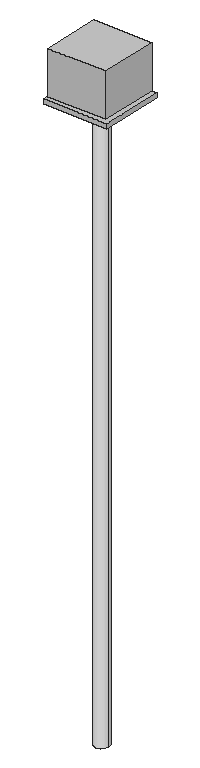
Revit family "BS_FM_Đài Móng - 1 cọc LT", category Structural Foundations, Revit 2019
Family settings
  Material for Model Behavior = Concrete
  Cap = No
  OmniClass Number = 23.25.05.11
  OmniClass Title = Foundation Piles
  Work Plane-Based = No
  Always vertical = Yes
  Cut with Voids When Loaded = No
  Shared = No
Parameters (values of type "1000 x 1000 x 900mm")
  h_BaoVe [instance] = 100 mm
  a4_BaoVe [instance] = 100 mm
  a3_BaoVe [instance] = 100 mm
  a2_BaoVe [instance] = 0 mm
  a1_BaoVe [instance] = 0 mm
  Width = X + A  # 1200 mm
  Structural Material = @BS-BeTongCotThep
  Y = 800 mm
  X = 800 mm
  Length = Y + A  # 1200 mm
  A = Diameter / 2 + 250 mm  # 400 mm
  Foundation Thickness = 900 mm
  Diameter = 300 mm
  Depth = 12000 mm
  D_LINE [instance] = Diameter + 100 mm  # 400 mm
  Cut-off = 150 mm
  BS_Cọc Tròn = yes
  BS_Cọc Vuông = no
  BS_BeTongMong = @BS-BeTongCotThep
  BS_BeTongLot = @BS-BeTong
  BS_BeTongCoc = Steel, 45-345
  Assembly Code = "A1010130"
Reference planes
  plane 1 "Center (Front/Back)": y = -300
  plane 2: z = 0
  plane 3 "Center (Left/Right)": x = 300
  plane 4: x = -500
  plane 5: x = 700
  plane 6: y = 500
  plane 7: y = -700
  plane 8 "Coc": z = -900
  plane 9: z = -750
  plane 10: z = -1000
Forms (mm)
  Extrusion 1, solid, material "@BS-BeTongCotThep" <- "BS_BeTongMong"
    sketch origin (0, 0, 0) x (1, 0, 0) y (0, 1, 0)
      loop
        line (-500, 500) -> (-500, -700) -> (700, -700) -> (700, 500) -> (-500, 500)
    from -900 to 0
  Extrusion 2, solid, material "@BS-BeTong" <- "BS_BeTongLot"
    sketch origin (0, 0, 0) x (1, 0, 0) y (0, 1, 0)
      loop
        line (-500, 500) -> (-500, -800) -> (800, -800) -> (800, 500) -> (-500, 500)
    from -1000 to -900
Dimensions and locks
  "Width": plane 4 to plane 5
  "Length": plane 6 to plane 7
  "Foundation Thickness": plane 2 to plane 8 "Coc"
  "Cut-off": plane 9 to plane 8 "Coc"
  "a3_BaoVe": plane 7 to Extrusion 2 sketch curve
  "a2_BaoVe": Extrusion 2 sketch curve to plane 6
  "a1_BaoVe": Extrusion 2 sketch curve to plane 4
  "a4_BaoVe": Extrusion 1 to Extrusion 2 sketch curve
  "h_BaoVe": plane 10 to plane 8 "Coc"
  "X": plane 4 to plane 3 "Center (Left/Right)"
  "Y": plane 1 "Center (Front/Back)" to plane 6
  aligned and locked: plane 4 to Extrusion 1 sketch curve
  aligned and locked: Extrusion 1 sketch curve to plane 5
  aligned and locked: Extrusion 1 sketch curve to plane 6
  aligned and locked: plane 7 to Extrusion 1 sketch curve
  aligned and locked: level to Extrusion 1
  aligned and locked: Extrusion 1 to plane 8 "Coc"
  aligned and locked: Extrusion 2 to Extrusion 1
  aligned and locked: Extrusion 2 to plane 10
  aligned and locked: plane 3 "Center (Left/Right)" to nested 1
  aligned and locked: plane 1 "Center (Front/Back)" to nested 1  (x2)
  aligned and locked: plane 3 "Center (Left/Right)" to nested 2
  aligned and locked: plane 1 "Center (Front/Back)" to nested 2
  aligned and locked: nested 1 to plane 3 "Center (Left/Right)"
  aligned and locked: plane 8 "Coc" to nested 2
  aligned and locked: plane 8 "Coc" to nested 1
Nested families
  nested 1: "BS_FM_Pile-Cọc Tròn" at (300, -300, -900), Minimum Embedment <- "Cut-off", Diameter <- "Diameter", Depth <- "Depth", Structural Material <- "BS_BeTongCoc", visible <- "BS_Cọc Tròn", type "600mm Diameter"
    with Structural Material Steel, 45-345, Radius 150 mm, Minimum Embedment 150 mm, Diameter 300 mm, Depth 12000 mm
  nested 2: "BS_FM_Pile-Cọc Vuông" at (300, -300, -900), Diameter <- "Diameter", Depth <- "Depth", Minimum Embedment <- "Cut-off", visible <- "BS_Cọc Vuông", Structural Material <- "BS_BeTongCoc", type "300mm Diameter"
    with Structural Material Steel, 45-345, Radius 150 mm, Minimum Embedment 150 mm, Diameter 300 mm, Depth 12000 mm
Definition of nested family "BS_FM_Pile-Cọc Tròn"
  Parameters (values of type "600mm Diameter")
    Structural Material [instance] = none
    Radius [instance] = Diameter / 2  # 300 mm
    Minimum Embedment [instance] = 152 mm
    Diameter [instance] = 600 mm
    Depth [instance] = 6000 mm
    Assembly Code = "A1020130"
  Types (4): name
    600mm Diameter
    300mm Diameter
    400mm Diameter
    500mm Diameter
  Reference planes
    plane 1 "Center (Front/Back)": y = 0
    plane 2: z = 0
    plane 3 "Center (Left/Right)": x = 0
    plane 4: z = -6000
    plane 5: z = 152
  Forms (mm)
    Extrusion 1, solid, material <- "Structural Material"
      sketch origin (0, 0, 0) x (1, 0, 0) y (0, 1, 0)
        loop
          circle (0, 0) r 300
      from -6000 to 152
  Dimensions and locks
    "Depth": plane 2 to plane 4
    "Minimum Embedment": plane 5 to plane 2
    "Radius": radius of Extrusion 1 sketch curve
    aligned and locked: Extrusion 1 to plane 4
    aligned and locked: Extrusion 1 to plane 5
    aligned and locked: plane 1 "Center (Front/Back)" to nested 1
    aligned and locked: plane 3 "Center (Left/Right)" to nested 1
  Automatic sketch dimensions
    plane 1 "Center (Front/Back)" to Extrusion 1 sketch curve = 0 mm
    Extrusion 1 sketch curve to plane 3 "Center (Left/Right)" = 0 mm
  Nested families
    nested 1: "BS_Line_TimCoc" at (0, 0, 0), type "BS_Line_TimCoc"
      with LINE 700 mm, DK 600 mm
  Definition of nested family "BS_Line_TimCoc"
    Parameters (values of type "BS_Line_TimCoc")
      LINE = DK + 100 mm  # 780 mm
      DK = 680 mm
    Reference planes
      plane 1 "Center (Front/Back)": y = 0
      plane 2: z = 0
      plane 3 "Center (Left/Right)": x = 0
    Lines and regions (mm)
      detail lines, in view "Ref. Level", not visible
        curve 1: circle (0, 0, 0) r 340 normal (0, 0, 1)
      detail lines, in view "Ref. Level"
        curve 2: line (-390, 0, 0) -> (390, 0, 0)
        curve 3: line (0, 390, 0) -> (0, -390, 0)
    Dimensions and locks
      equal spacing: curve 2, plane 3 "Center (Left/Right)", curve 2
      equal spacing: curve 3, plane 1 "Center (Front/Back)", curve 3
      "LINE": curve 3 to curve 3
      "LINE": curve 2 to curve 2
      "DK": diameter of curve 1
    Automatic sketch dimensions
      curve 3 to plane 3 "Center (Left/Right)" = 0 mm
      plane 1 "Center (Front/Back)" to curve 1 = 0 mm
      curve 1 to plane 3 "Center (Left/Right)" = 0 mm
      plane 1 "Center (Front/Back)" to curve 2 = 0 mm
Definition of nested family "BS_FM_Pile-Cọc Vuông"
  Parameters (values of type "600mm Diameter")
    Structural Material [instance] = none
    Radius [instance] = Diameter / 2  # 125 mm
    Minimum Embedment [instance] = 150 mm
    Diameter [instance] = 250 mm
    Depth [instance] = 6000 mm
    Assembly Code = "A1020130"
  Types (6, lengths in mm): name | Radius | Diameter
    600mm Diameter | 125 | 250
    200mm Diameter | 300 | 600
    250mm Diameter | 300 | 600
    300mm Diameter | 300 | 600
    400mm Diameter | 300 | 600
    500mm Diameter | 300 | 600
  Reference planes
    plane 1 "Center (Front/Back)": y = 0
    plane 2: z = 0
    plane 3 "Center (Left/Right)": x = 0
    plane 4: z = -6000
    plane 5: z = 150
  Forms (mm)
    Extrusion 1, solid, material <- "Structural Material"
      sketch origin (0, 0, 0) x (1, 0, 0) y (0, 1, 0)
        loop
          line (-125, -125) -> (125, -125) -> (125, 125) -> (-125, 125) -> (-125, -125)
      from -6000 to 150
  Dimensions and locks
    "Depth": plane 2 to plane 4
    "Minimum Embedment": plane 5 to plane 2
    equal spacing: Extrusion 1 sketch curve, plane 3 "Center (Left/Right)", Extrusion 1 sketch curve
    "Diameter": Extrusion 1 sketch curve to Extrusion 1 sketch curve  (x2)
    equal spacing: Extrusion 1 sketch curve, plane 1 "Center (Front/Back)", Extrusion 1 sketch curve
    aligned and locked: Extrusion 1 to plane 4
    aligned and locked: Extrusion 1 to plane 5
    aligned and locked: plane 3 "Center (Left/Right)" to nested 1
    aligned and locked: plane 1 "Center (Front/Back)" to nested 1  (x2)
    aligned and locked: nested 1 to plane 3 "Center (Left/Right)"
  Nested families
    nested 1: "BS_Line_TimCoc" at (0, 0, 0), type "BS_Line_TimCoc"
      with LINE 350 mm, DK 250 mm
  Definition of nested family "BS_Line_TimCoc"
    Parameters (values of type "BS_Line_TimCoc")
      LINE = DK + 100 mm  # 780 mm
      DK = 680 mm
    Reference planes
      plane 1 "Center (Front/Back)": y = 0
      plane 2: z = 0
      plane 3 "Center (Left/Right)": x = 0
    Lines and regions (mm)
      detail lines, in view "Ref. Level", not visible
        curve 1: circle (0, 0, 0) r 340 normal (0, 0, 1)
      detail lines, in view "Ref. Level"
        curve 2: line (-390, 0, 0) -> (390, 0, 0)
        curve 3: line (0, 390, 0) -> (0, -390, 0)
    Dimensions and locks
      equal spacing: curve 2, plane 3 "Center (Left/Right)", curve 2
      equal spacing: curve 3, plane 1 "Center (Front/Back)", curve 3
      "LINE": curve 3 to curve 3
      "LINE": curve 2 to curve 2
      "DK": diameter of curve 1
    Automatic sketch dimensions
      curve 3 to plane 3 "Center (Left/Right)" = 0 mm
      plane 1 "Center (Front/Back)" to curve 1 = 0 mm
      curve 1 to plane 3 "Center (Left/Right)" = 0 mm
      plane 1 "Center (Front/Back)" to curve 2 = 0 mm
